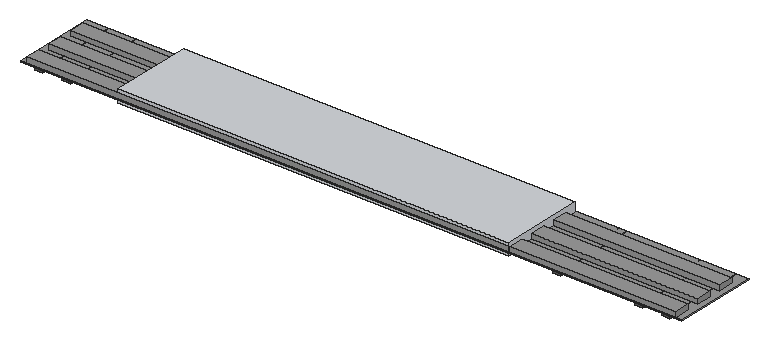
Revit family "2113-3, Veneer", category Generic Models, host Face, Revit 2020
Family settings
  Host = Face
  Can host rebar = No
  Round Connector Dimension = Use Diameter
  Part Type = Normal
  Cut with Voids When Loaded = No
  Shared = No
  Room Calculation Point = No
Parameters
  min_value [instance] = 1' - 11 1/4"  # constant formula
  max_value [instance] = 9' - 11 1/4"  # constant formula
  actual_value [instance] = if(NET LENGTH < min_value, min_value, if(NET LENGTH > max_value, max_value, NET LENGTH))  # 7' - 11 1/4"
  SCRIM MATERIAL [instance] = SCRIM
  SCRIM [instance] = yes
  NET LENGTH [instance] = 7' - 11 1/4"
  Default Elevation = 4' - 0"
  BACKER MATERIAL [instance] = BLACK-BACKERS
  .. MEMBER WIDTH [instance] = 0' - 2 1/4"  # constant formula
  .. MEMBER MATERIAL [instance] = Veneer Cherry
  .. MEMBER LENGTH [instance] = actual_value  # 7' - 11 1/4"
  .. MEMBER DEPTH [instance] = 0' - 0 3/4"  # constant formula
  .. MEMBER COUNT [instance] = 3  # constant formula
  IMPORTANT NOTE!!!                                                                             *Backer layout is for visualization purposes only, final layout to be determined by 9Wood. [instance] = ""
Reference planes (in)
  plane 1 "Center (Front/Back)": y = 0
  plane 2: z = 1.82209
  plane 3 "Center (Left/Right)": x = 0
Forms (in)
  Extrusion 1, solid
    sketch origin (132, -33.80483, 0) x (1, 0, 0) y (0, 1, 0)
      loop
        line (-118.625, 33.80483) -> (-61.26146, 33.80483) -> (-61.26146, 45.86733) -> (-118.625, 45.86733) -> (-118.625, 33.80483)
    from 1.82209 to 0
Dimensions and locks (in)
  aligned and locked: Extrusion 1 to plane 2
  aligned and locked: plane 3 "Center (Left/Right)" to nested 1
Nested families (in)
  nested 1: "1100 SERIES CONFIG" at (0, 2, 0), .. MEMBER DEPTH <- ".. MEMBER DEPTH", .. MEMBER LENGTH <- ".. MEMBER LENGTH", .. MEMBER WIDTH <- ".. MEMBER WIDTH", .. MEMBER MATERIAL <- ".. MEMBER MATERIAL", BACKING M MATERIAL <- "BACKER MATERIAL", SCRIM  MATERIAL <- "SCRIM MATERIAL", .. MEMBER COUNT <- ".. MEMBER COUNT", SCRIM <- "SCRIM", type "1100 SERIES CONFIG"
    with X 7' - 8", SCRIM OVERHANG 2 0' - 0 3/32", SCRIM OVERHANG 0' - 0 7/8", SCRIM LENGTH 8' - 1", SCRIM  MATERIAL SCRIM, SCRIM yes, NOMINAL LENGTH 7, N 8, Inset 6' - 0 3/8", INSET 0' - 1", INDEX 0' - 5 5/8", HALF MEMBER WIDTH 0' - 1 1/8", HALF LENGTH 3' - 11 5/8", END BACKER yes, BACKING M WIDTH 0' - 1 1/4", BACKING M OC SPACING 1' - 0", BACKING M MATERIAL BLACK-BACKERS, BACKING M LENGTH 0' - 11 7/8", BACKING M DEPTH 0' - 0 1/2", BACKING M COUNT 8, 3/16" INSET 0' - 0 3/16", .. MEMBER WIDTH 0' - 2 1/4", .. MEMBER OC SPACING 0' - 4", .. MEMBER MATERIAL Veneer Cherry, .. MEMBER LENGTH 7' - 11 1/4", .. MEMBER DEPTH 0' - 0 3/4", .. MEMBER COUNT 3
Definition of nested family "1100 SERIES CONFIG"
  Parameters (values of type "1100 SERIES CONFIG")
    X [instance] = .. MEMBER LENGTH - 0' 3 1/4"  # 5' - 5"
    SCRIM OVERHANG 2 [instance] = 0' - 0 3/32"  # constant formula
    SCRIM OVERHANG [instance] = 0' - 0 7/8"  # constant formula
    SCRIM LENGTH [instance] = .. MEMBER LENGTH + (SCRIM OVERHANG * 2)  # 5' - 10"
    SCRIM  MATERIAL [instance] = none
    SCRIM [instance] = yes
    NOMINAL LENGTH [instance] = 7
    N [instance] = if((X - (rounddown(X / 1' 0") * 1' 0")) > 1' 0", rounddown(X / 1' 0") + 2, rounddown(X / 1' 0") + 1)  # 6
    Inset [instance] = 6' - 0 3/8"  # constant formula
    INSET [instance] = 0' - 1"  # constant formula
    END BACKER [instance] = INDEX > 0' 3 5/8"  # yes
    INDEX [instance] = (.. MEMBER LENGTH - ((N - 1) * 1' 0")) / 2  # 0' - 4 1/8"
    HALF MEMBER WIDTH [instance] = .. MEMBER WIDTH / 2  # 0' - 0 5/16"
    HALF LENGTH [instance] = .. MEMBER LENGTH / 2  # 2' - 10 1/8"
    Default Elevation = 0' - 0"
    BACKING M WIDTH [instance] = 0' - 1 1/4"
    BACKING M SPACING = 3' - 3"
    BACKING M MATERIAL [instance] = none
    BACKING M LENGTH [instance] = 0' - 11 7/8"
    BACKING M DEPTH [instance] = 0' - 0 1/2"
    BACKING M COUNT [instance] = N  # 6
    BACKING M OC SPACING [instance] = 1' - 0"  # constant formula
    3/16" INSET [instance] = 0' - 0 3/16"  # constant formula
    .. MEMBER WIDTH [instance] = 0' - 0 5/8"
    .. MEMBER OC SPACING [instance] = 1' 0" / .. MEMBER COUNT  # 0' - 4"
    .. MEMBER MATERIAL [instance] = none
    .. MEMBER LENGTH [instance] = 5' - 8 1/4"
    .. MEMBER DEPTH [instance] = 0' - 1 3/8"
    .. MEMBER COUNT [instance] = 3
  Reference planes (in)
    plane 1 "Center (Front/Back)": y = -2
    plane 2: z = 0
    plane 3 "Center (Left/Right)": x = 0
    plane 4: x = 1
    plane 5: x = 4.125
    plane 6: x = 34.125
    plane 7: x = 68.25
    plane 8: x = 67.25
    plane 9: x = 16.125
    plane 10: y = -1.8125
    plane 11: y = -1.6875
    plane 12: y = 2.3125
    plane 13: x = 69.125
    plane 14: x = -0.875
    plane 15: z = 0.5
    plane 16: z = 0.5625
    plane 17: y = 10.0625
    plane 18: y = 10.15625
    plane 19: y = -2.09375
  Dimensions and locks (in)
    "INSET": plane 3 "Center (Left/Right)" to plane 4
    "INDEX": plane 3 "Center (Left/Right)" to plane 5
    "HALF LENGTH": plane 3 "Center (Left/Right)" to plane 6
    ".. MEMBER LENGTH": plane 3 "Center (Left/Right)" to plane 7
    "INSET": plane 8 to plane 7
    equal spacing: group 2, group 3, group 6, group 7, group 8, group 9  (x3)
    "3/16" INSET": plane 1 "Center (Front/Back)" to plane 10
    ".. MEMBER OC SPACING": plane 12 to plane 11
    "SCRIM OVERHANG": plane 14 to plane 3 "Center (Left/Right)"
    "SCRIM OVERHANG": plane 7 to plane 13
    equal spacing: group 1, group 4, group 5  (x2)
    equal spacing: group 5, group 4, group 1
    "HALF MEMBER WIDTH": plane 1 "Center (Front/Back)" to plane 11
    "BACKING M OC SPACING": plane 5 to plane 9
    "SCRIM OVERHANG 2": plane 18 to plane 17
    "SCRIM OVERHANG 2": plane 19 to plane 1 "Center (Front/Back)"
    aligned and locked: level to plane 2
    aligned and locked: plane 6 to nested 1
    aligned and locked: nested 2 to plane 4
    aligned and locked: plane 5 to nested 3
    aligned and locked: plane 1 "Center (Front/Back)" to nested 1
    aligned and locked: nested 2 to plane 10
    aligned and locked: nested 3 to plane 10
    aligned and locked: nested 5 to plane 10
    aligned and locked: nested 4 to plane 10
    aligned and locked: nested 6 to plane 14
    aligned and locked: plane 12 to nested 7
    aligned and locked: nested 7 to plane 3 "Center (Left/Right)"
    aligned and locked: plane 9 to nested 5
    aligned and locked: plane 8 to nested 4
    aligned and locked: plane 15 to nested 2
    aligned and locked: nested 6 to plane 15
    aligned and locked: nested 1 to plane 16
    aligned and locked: nested 7 to plane 16
    aligned and locked: nested 6 to plane 19
  Nested families (in)
    nested 1: "INSTANCE - Parametric Cube" at (34.125, -1.6875, 1.9375), Length <- ".. MEMBER WIDTH", Height <- ".. MEMBER DEPTH", Width <- ".. MEMBER LENGTH", Material <- ".. MEMBER MATERIAL", type "INSTANCE - Parametric Cube"
      with Width 5' - 8 1/4", Material none, Length 0' - 0 5/8", Height 0' - 1 3/8"
    nested 2: "2ND INSTANCE - Parametric Cube" at (1.625, 4.125, 0), Height <- "BACKING M DEPTH", Length <- "BACKING M LENGTH", Width <- "BACKING M WIDTH", Material <- "BACKING M MATERIAL", visible <- "END BACKER", type "2ND INSTANCE - Parametric Cube"
      with Width 0' - 1 1/4", Material none, Length 0' - 11 7/8", Height 0' - 0 1/2"
    nested 3: "2ND INSTANCE - Parametric Cube" at (4.125, 4.125, 0), Length <- "BACKING M LENGTH", Height <- "BACKING M DEPTH", Width <- "BACKING M WIDTH", Material <- "BACKING M MATERIAL", type "2ND INSTANCE - Parametric Cube"
      with Width 0' - 1 1/4", Material none, Length 0' - 11 7/8", Height 0' - 0 1/2"
    nested 4: "2ND INSTANCE - Parametric Cube" at (66.625, 4.125, 0), Width <- "BACKING M WIDTH", Length <- "BACKING M LENGTH", Height <- "BACKING M DEPTH", Material <- "BACKING M MATERIAL", visible <- "END BACKER", type "2ND INSTANCE - Parametric Cube"
      with Width 0' - 1 1/4", Material none, Length 0' - 11 7/8", Height 0' - 0 1/2"
    nested 5: "2ND INSTANCE - Parametric Cube" at (16.125, 4.125, 0), Length <- "BACKING M LENGTH", Height <- "BACKING M DEPTH", Width <- "BACKING M WIDTH", Material <- "BACKING M MATERIAL", type "2ND INSTANCE - Parametric Cube"
      with Width 0' - 1 1/4", Material none, Length 0' - 11 7/8", Height 0' - 0 1/2"
    nested 6: "3RD INSTANCE - Parametric Cube" at (34.125, 4.0445, 0.5), Width <- "SCRIM LENGTH", Material <- "SCRIM  MATERIAL", visible <- "SCRIM", type "3RD INSTANCE - Parametric Cube"
      with Width 5' - 10", Material none, Length 1' - 0.27649", Height 0' - 0 1/16"
    nested 7: "INSTANCE - Parametric Cube" at (34.125, 2.3125, 1.9375), Length <- ".. MEMBER WIDTH", Height <- ".. MEMBER DEPTH", Width <- ".. MEMBER LENGTH", Material <- ".. MEMBER MATERIAL", type "INSTANCE - Parametric Cube"
      with Width 5' - 8 1/4", Material none, Length 0' - 0 5/8", Height 0' - 1 3/8"
    nested 8: "INSTANCE - Parametric Cube" at (34.125, 6.3125, 1.9375), Length <- ".. MEMBER WIDTH", Height <- ".. MEMBER DEPTH", Width <- ".. MEMBER LENGTH", Material <- ".. MEMBER MATERIAL", type "INSTANCE - Parametric Cube"
      with Width 5' - 8 1/4", Material none, Length 0' - 0 5/8", Height 0' - 1 3/8"
    nested 9: "2ND INSTANCE - Parametric Cube" at (28.125, 4.125, 0), Length <- "BACKING M LENGTH", Height <- "BACKING M DEPTH", Width <- "BACKING M WIDTH", Material <- "BACKING M MATERIAL", type "2ND INSTANCE - Parametric Cube"
      with Width 0' - 1 1/4", Material none, Length 0' - 11 7/8", Height 0' - 0 1/2"
    nested 10: "2ND INSTANCE - Parametric Cube" at (40.125, 4.125, 0), Length <- "BACKING M LENGTH", Height <- "BACKING M DEPTH", Width <- "BACKING M WIDTH", Material <- "BACKING M MATERIAL", type "2ND INSTANCE - Parametric Cube"
      with Width 0' - 1 1/4", Material none, Length 0' - 11 7/8", Height 0' - 0 1/2"
    nested 11: "2ND INSTANCE - Parametric Cube" at (52.125, 4.125, 0), Length <- "BACKING M LENGTH", Height <- "BACKING M DEPTH", Width <- "BACKING M WIDTH", Material <- "BACKING M MATERIAL", type "2ND INSTANCE - Parametric Cube"
      with Width 0' - 1 1/4", Material none, Length 0' - 11 7/8", Height 0' - 0 1/2"
    nested 12: "2ND INSTANCE - Parametric Cube" at (64.125, 4.125, 0), Length <- "BACKING M LENGTH", Height <- "BACKING M DEPTH", Width <- "BACKING M WIDTH", Material <- "BACKING M MATERIAL", type "2ND INSTANCE - Parametric Cube"
      with Width 0' - 1 1/4", Material none, Length 0' - 11 7/8", Height 0' - 0 1/2"
  Definition of nested family "INSTANCE - Parametric Cube"
    Parameters (values of type "INSTANCE - Parametric Cube")
      Width [instance] = 0' - 6"
      Material [instance] = none
      Length [instance] = 1' - 0"
      Height [instance] = 1' - 6"
      Default Elevation = 0' - 0"
    Reference planes (in)
      plane 1 "Center (Front/Back)": y = 0
      plane 2: z = 0
      plane 3 "Center (Left/Right)": x = 0
      plane 4: x = -3
      plane 5: x = 3
      plane 6: y = 6
      plane 7: y = -6
      plane 8: z = -18
    Forms (in)
      Extrusion 1, solid, material <- "Material"
        sketch origin (0, 0, 0) x (1, 0, 0) y (0, 1, 0)
          loop
            line (-3, 6) -> (-3, -6) -> (3, -6) -> (3, 6) -> (-3, 6)
        from -18 to 0
    Dimensions and locks (in)
      equal spacing: plane 4, plane 3 "Center (Left/Right)", plane 5
      equal spacing: plane 6, plane 1 "Center (Front/Back)", plane 7
      "Length": plane 6 to plane 7
      "Width": plane 4 to plane 5
      "Height": plane 8 to level
      aligned and locked: plane 2 to level
      aligned and locked: Extrusion 1 sketch curve to plane 6
      aligned and locked: plane 4 to Extrusion 1 sketch curve
      aligned and locked: plane 7 to Extrusion 1 sketch curve
      aligned and locked: Extrusion 1 sketch curve to plane 5
      aligned and locked: Extrusion 1 to plane 8
  Definition of nested family "2ND INSTANCE - Parametric Cube"
    Parameters (values of type "2ND INSTANCE - Parametric Cube")
      Width [instance] = 0' - 6"
      Material [instance] = none
      Length [instance] = 1' - 0"
      Height [instance] = 1' - 6"
      Default Elevation = 0' - 0"
    Reference planes (in)
      plane 1 "Center (Front/Back)": y = 0
      plane 2: z = 0
      plane 3 "Center (Left/Right)": x = 0
      plane 4: x = -3
      plane 5: x = 3
      plane 6: y = 6
      plane 7: y = -6
      plane 8: z = 18
    Forms (in)
      Extrusion 1, solid, material <- "Material"
        sketch origin (0, 0, 0) x (1, 0, 0) y (0, 1, 0)
          loop
            line (-3, 6) -> (-3, -6) -> (3, -6) -> (3, 6) -> (-3, 6)
        from 0 to 18
    Dimensions and locks (in)
      equal spacing: plane 4, plane 3 "Center (Left/Right)", plane 5
      equal spacing: plane 6, plane 1 "Center (Front/Back)", plane 7
      "Length": plane 6 to plane 7
      "Width": plane 4 to plane 5
      "Height": level to plane 8
      aligned and locked: plane 2 to level
      aligned and locked: Extrusion 1 sketch curve to plane 6
      aligned and locked: plane 4 to Extrusion 1 sketch curve
      aligned and locked: plane 7 to Extrusion 1 sketch curve
      aligned and locked: Extrusion 1 sketch curve to plane 5
      aligned and locked: plane 8 to Extrusion 1
      aligned and locked: Extrusion 1 to level
  Definition of nested family "3RD INSTANCE - Parametric Cube"
    Parameters (values of type "3RD INSTANCE - Parametric Cube")
      Width [instance] = 0' - 6"
      Material [instance] = none
      Length [instance] = 1' - 0"
      Height [instance] = 1' - 6"
      Default Elevation = 0' - 0"
    Reference planes (in)
      plane 1 "Center (Front/Back)": y = 0
      plane 2: z = 0
      plane 3 "Center (Left/Right)": x = 0
      plane 4: x = -3
      plane 5: x = 3
      plane 6: y = 6
      plane 7: y = -6
      plane 8: z = 18
    Forms (in)
      Extrusion 1, solid, material <- "Material"
        sketch origin (0, 0, 0) x (1, 0, 0) y (0, 1, 0)
          loop
            line (-3, 6) -> (-3, -6) -> (3, -6) -> (3, 6) -> (-3, 6)
        from 0 to 18
    Dimensions and locks (in)
      equal spacing: plane 4, plane 3 "Center (Left/Right)", plane 5
      equal spacing: plane 6, plane 1 "Center (Front/Back)", plane 7
      "Length": plane 6 to plane 7
      "Width": plane 4 to plane 5
      "Height": level to plane 8
      aligned and locked: plane 2 to level
      aligned and locked: Extrusion 1 sketch curve to plane 6
      aligned and locked: plane 4 to Extrusion 1 sketch curve
      aligned and locked: plane 7 to Extrusion 1 sketch curve
      aligned and locked: Extrusion 1 sketch curve to plane 5
      aligned and locked: plane 8 to Extrusion 1
      aligned and locked: Extrusion 1 to level
